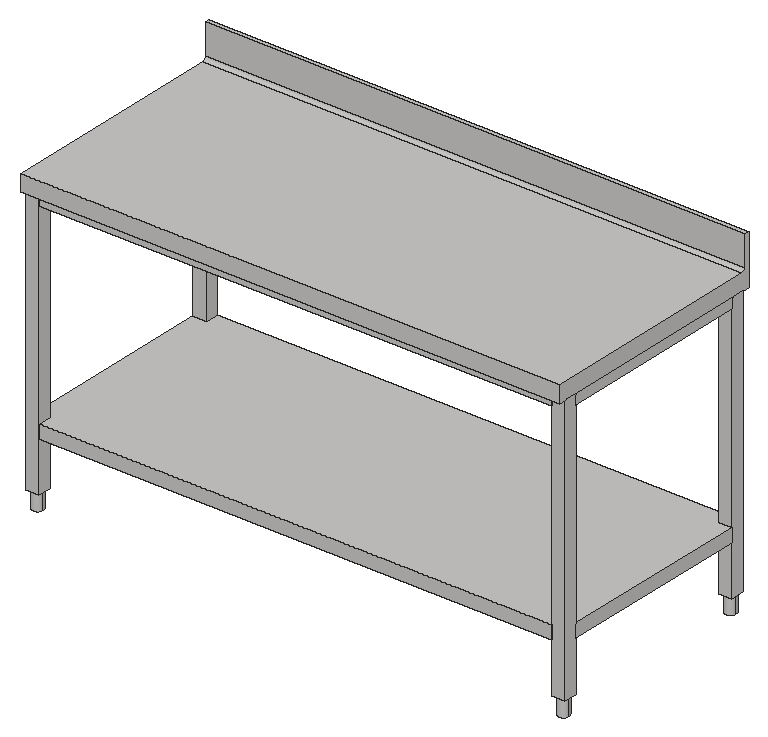
Revit family "QF_ELECTROLUXPROFESSIONAL_134099_LSGTG1610E", category Attrezzature speciali, Revit 2020
Family settings
  Quota connettore circolare = Usa diametro
  Tipo di parte = Normale
  Basato su piano di lavoro = No
  Sempre verticale = Sì
  Taglio con vuoti quando caricato = No
  Condiviso = No
  Punto di calcolo locali = No
Parameters (values of type "Standard")
  Weight = 54.50 kg
  Watts = 0 W
  Volts = 0 V
  URL Manufacturer = "https://www.electroluxprofessional.com/"
  URL = "https://www.electroluxprofessional.com/"
  Steam Supply Size = 0 mm
  Steam Supply Minimum Pressure = 0.0 Pa
  Steam Supply Maximum Pressure = 0.0 Pa
  Steam Consumption per Hour = 0
  Refrigeration Suction Line Size = 0.0 mm
  Refrigeration Liquid Line Size = 0.0 mm
  Refrigerant Compressor Remote = yes
  Prospetto di default = 0.0 mm
  Produttore = "Electrolux Professional"
  Phase = 0
  Modello = "LSGTG1610E"
  Length Actual = 1600.0 mm  # constant formula
  Item Number = "134099"
  Hot Water Size = 0 mm
  Height Actual = 1000.0 mm  # constant formula
  HP = "0 HP"
  Gas Size = 0 mm
  Gas KW = 0
  Gas Input Pressure = 0 W
  Direct Waste Size = 0 mm
  Descrizione = "WORK TABLE  1600 MM+UPSTAND+LOWER SHELF"
  Depth Actual = 700.0 mm  # constant formula
  Cycle = 0 Hz
  Condensate Return Size = 0 mm
  Compressed Air Volume = 0.0 L/s
  Compressed Air Size = 0 mm
  Compressed Air Pressure = 0.0 Pa
  Cold Water Size = 0 mm
  Accessory = yes
Reference planes
  plane 1 "Center (Front/Back)": y = 0
  plane 2: z = 0
  plane 3 "Center (Left/Right)": x = -300
  plane 4 "LEFT": x = -1100
  plane 5 "RIGHT": x = 500
  plane 6 "BACK": y = 350
  plane 7 "FRONT": y = -350
  plane 8 "Base": z = 850
  plane 9 "TOP": z = 900
  plane 10: x = -1080
  plane 11: x = 480
  plane 12: y = 310
  plane 13: y = -310
  plane 14 "TRAVERSI": z = 820
  plane 15: x = -1060
  plane 16: x = 460
  plane 17: y = 290
  plane 18: y = -290
  plane 19: y = 330
  plane 20: y = -330
  plane 21 "Plane": z = 200
Forms (mm)
  Extrusion 1, solid, material "QF_Finishes_Stainless Steel"
    sketch origin (-300, 0, 0) x (0, 1, 0) y (0, 0, 1)
      loop
        line (-350, 850) -> (350, 850) -> (350, 1000) -> (337, 1000) -> (337, 910)
        arc (337, 910) -> (334.071, 902.929) -> (327, 900) r 10
        line (327, 900) -> (-350, 900) -> (-350, 850)
    from 800 to -800
  Extrusion 2, solid, material "QF_Finishes_Stainless Steel"
    sketch origin (0, 0, 820) x (0, 1, 0) y (-1, 0, 0)
      loop
        line (290, -460) -> (-290, -460) -> (-290, -500) -> (290, -500) -> (290, -460)
      loop
        line (290, 1100) -> (-290, 1100) -> (-290, 1060) -> (290, 1060) -> (290, 1100)
    from 0 to 30
  Extrusion 3, solid, material "QF_Finishes_Stainless Steel"
    sketch origin (0, 0, 820) x (0, 1, 0) y (-1, 0, 0)
      loop
        line (330, -460) -> (330, 1060) -> (290, 1060) -> (290, -460) -> (330, -460)
      loop
        line (-290, 1060) -> (-330, 1060) -> (-330, -460) -> (-290, -460) -> (-290, 1060)
    from 0 to 30
  Extrusion 4, solid, material "QF_Finishes_Stainless Steel"
    sketch origin (0, 0, 200) x (0, 1, 0) y (-1, 0, 0)
      loop
        line (290, 1100) -> (-290, 1100) -> (-290, 1060) -> (-330, 1060) -> (-330, -460) -> (-290, -460) -> (-290, -500) -> (290, -500) -> (290, -460) -> (330, -460) -> (330, 1060) -> (290, 1060) -> (290, 1100)
    from 0 to 40
Lines and regions (mm)
  symbolic lines
    curve 1: line (500, 350, 900) -> (-1100, 350, 900)
    curve 2: line (-1100, 350, 900) -> (-1100, -350, 900)
    curve 3: line (-1100, -350, 900) -> (500, -350, 900)
    curve 4: line (500, -350, 900) -> (500, 350, 900)
    curve 5: line (-1100, 337, 820) -> (500, 337, 820)
Dimensions and locks
  plane 4 "LEFT" to plane 5 "RIGHT" = 1600.0 mm
  equal spacing: plane 4 "LEFT", plane 3 "Center (Left/Right)", plane 5 "RIGHT"
  plane 4 "LEFT" to plane 10 = 20.0 mm
  plane 11 to plane 5 "RIGHT" = 20.0 mm
  plane 10 to plane 11 = 1560.0 mm
  plane 6 "BACK" to plane 12 = 40.0 mm
  plane 13 to plane 7 "FRONT" = 40.0 mm
  plane 6 "BACK" to plane 7 "FRONT" = 700.0 mm
  plane 12 to plane 13 = 620.0 mm
  equal spacing: plane 6 "BACK", plane 1 "Center (Front/Back)", plane 7 "FRONT"
  plane 8 "Base" to plane 14 "TRAVERSI" = 30.0 mm
  locked: plane 10 to plane 15 at 20
  locked: plane 16 to plane 11 at 20
  locked: plane 19 to plane 12 at 20
  locked: plane 12 to plane 17 at 20
  locked: plane 18 to plane 13 at 20
  locked: plane 13 to plane 20 at 20
  locked: plane 8 "Base" to level at 850
  locked: Extrusion 1 to level at 1000
  locked: plane 21 "Plane" to level at 200
  aligned and locked: level to plane 2
  aligned and locked: plane 10 to nested 1
  aligned and locked: nested 1 to plane 13
  aligned and locked: plane 11 to nested 2
  aligned and locked: nested 2 to plane 13
  aligned and locked: plane 11 to nested 4
  aligned and locked: nested 4 to plane 12
  aligned and locked: plane 10 to nested 3
  aligned and locked: nested 3 to plane 12
  aligned and locked: Extrusion 1 to plane 4 "LEFT"
  aligned and locked: plane 5 "RIGHT" to Extrusion 1
  aligned and locked: curve 2 to plane 4 "LEFT"
  aligned and locked: Extrusion 2 sketch curve to plane 5 "RIGHT"
  aligned and locked: Extrusion 2 sketch curve to plane 17  (x2)
  aligned and locked: plane 16 to Extrusion 2 sketch curve
  aligned and locked: plane 18 to Extrusion 2 sketch curve  (x2)
  aligned and locked: plane 4 "LEFT" to Extrusion 2 sketch curve
  aligned and locked: Extrusion 2 sketch curve to plane 15
  aligned and locked: plane 19 to Extrusion 3 sketch curve
  aligned and locked: Extrusion 3 sketch curve to plane 17
  aligned and locked: Extrusion 3 sketch curve to plane 18
  aligned and locked: plane 20 to Extrusion 3 sketch curve
  aligned and locked: Extrusion 3 sketch curve to plane 15
  aligned and locked: plane 15 to Extrusion 3 sketch curve
  aligned and locked: plane 16 to Extrusion 3 sketch curve
  aligned and locked: Extrusion 3 sketch curve to plane 16
  aligned and locked: curve 5 to Extrusion 1
  aligned and locked: plane 19 to Extrusion 4 sketch curve
  aligned and locked: plane 5 "RIGHT" to Extrusion 4 sketch curve
  aligned and locked: Extrusion 4 sketch curve to plane 4 "LEFT"
  aligned and locked: Extrusion 4 sketch curve to plane 20
  aligned and locked: Extrusion 4 sketch curve to Extrusion 2
  aligned and locked: Extrusion 4 sketch curve to plane 15
  aligned and locked: plane 17 to Extrusion 4 sketch curve  (x2)
  aligned and locked: Extrusion 4 sketch curve to plane 18  (x2)
  aligned and locked: plane 16 to Extrusion 4 sketch curve  (x2)
Automatic sketch dimensions
  curve 3 to plane 7 "FRONT" = 0.0 mm
  curve 4 to plane 6 "BACK" = 0.0 mm
  curve 4 to plane 5 "RIGHT" = 0.0 mm
  Extrusion 1 sketch curve to plane 7 "FRONT" = 0.0 mm
  Extrusion 1 sketch curve to plane 9 "TOP" = 0.0 mm
  Extrusion 1 sketch curve to plane 6 "BACK" = 0.0 mm
  Extrusion 1 sketch curve to plane 8 "Base" = 0.0 mm
  Extrusion 1 sketch curve to plane 19 = 3.0 mm
  plane 19 to Extrusion 1 sketch curve = 7.0 mm
  Extrusion 1 sketch curve to Extrusion 1 sketch curve = 90.0 mm
  curve 5 to plane 5 "RIGHT" = 0.0 mm
  curve 5 to plane 4 "LEFT" = 0.0 mm
Nested families
  nested 1: "FEET_40x40_P50" at (-1080, -310, 0), type "FEET_40x40_P50"
  nested 2: "FEET_40x40_P50" at (480, -310, 0), type "FEET_40x40_P50"
  nested 3: "FEET_40x40_P50" at (-1080, 310, 0), type "FEET_40x40_P50"
  nested 4: "FEET_40x40_P50" at (480, 310, 0), type "FEET_40x40_P50"
Definition of nested family "FEET_40x40_P50"
  Parameters
    Default Elevation = 0.0 mm
    FEET = 850.0 mm
  Reference planes
    plane 1 "Center (Front/Back)": y = 0
    plane 2: z = 0
    plane 3 "Center (Left/Right)": x = 0
    plane 4: z = 850
  Forms (mm)
    Extrusion 1, solid
      sketch origin (0, 0, 0) x (1, 0, 0) y (0, 1, 0)
        loop
          line (-20, -20) -> (20, -20) -> (20, 20) -> (-20, 20) -> (-20, -20)
      from 50 to 850
    Extrusion 2, solid
      sketch origin (0, 0, 0) x (1, 0, 0) y (0, 1, 0)
        loop
          circle (0, 0) r 16
      from 0 to 50
  Lines and regions (mm)
    symbolic lines
      curve 1: line (0, -1.503, 0) -> (0, 1.508, 0)
      curve 2: line (1.561, 0, 0) -> (-1.439, 0, 0)
  Dimensions and locks
    "FEET": plane 4 to plane 2
    aligned and locked: level to plane 2
  Automatic sketch dimensions
    Extrusion 1 sketch curve to plane 3 "Center (Left/Right)" = 20.0 mm
    plane 3 "Center (Left/Right)" to Extrusion 1 sketch curve = 20.0 mm
    plane 1 "Center (Front/Back)" to Extrusion 1 sketch curve = 20.0 mm
    Extrusion 1 sketch curve to plane 1 "Center (Front/Back)" = 20.0 mm
    plane 1 "Center (Front/Back)" to Extrusion 2 sketch curve = 0.0 mm
    Extrusion 2 sketch curve to plane 3 "Center (Left/Right)" = 0.0 mm
    plane 1 "Center (Front/Back)" to curve 2 = 0.0 mm
    curve 1 to plane 3 "Center (Left/Right)" = 0.0 mm
    curve 2 to plane 3 "Center (Left/Right)" = 1.439 mm
    plane 3 "Center (Left/Right)" to curve 2 = 1.561 mm
    plane 1 "Center (Front/Back)" to curve 1 = 1.503 mm
    curve 1 to plane 1 "Center (Front/Back)" = 1.508 mm
    radius of Extrusion 2 sketch curve = 16.0 mm
